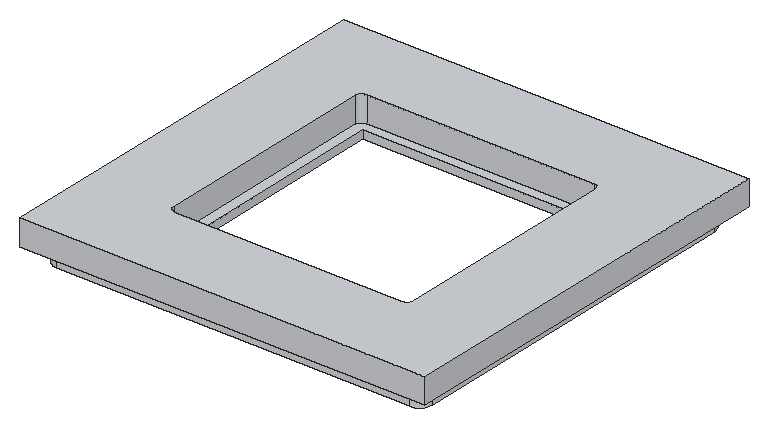
Revit family "Gira_0211112", category Electrical Fixtures, host Face, Revit 2017
Family settings
  Host = Face
  Maintain Annotation Orientation = No
  Round Connector Dimension = Use Diameter
  Part Type = Normal
  Cut with Voids When Loaded = No
  Shared = No
  Room Calculation Point = No
Parameters
  Werkstoffgüte = "Thermoplast"
  Werkstoff = "Kunststoff"
  URL = "https://www.gira.de/"
  Typname = "Abdeckrahmen 1f Flächenschalter Reinweiß"
  Transparent = no
  Textfeld/Beschriftungsfläche = no
  Schutzart (IP) = "IP20"
  RAL-Nummer (ähnlich) = 9010
  Produktseite = "http://katalog.gira.de/de_DE/datenblatt.html?artikelnr=0211112"
  Oberfläche = "sonstige"
  Montagerichtung = "horizontal und vertikal"
  Mit Montagerahmen = no
  Mit Klappdeckel = no
  Manufacturer = "Gira"
  Halogenfrei = yes
  HAN = "0211112"
  Geeignet für Unterputz-Installation = yes
  Geeignet für Unterflurkanaldose = no
  Geeignet für Geräteeinbaukanal = no
  Geeignet für Einbauinstallation = no
  GTIN = "4010337043973"
  Farbe = "weiß"
  Datenblatt = "https://katalog.gira.de/de_DE/download.html?artikelnr=0211112"
  Description = "Abdeckrahmen Gira Flächenschalter Reinweiß glänzend 1fach Merkmale: - Bruchsicher.  Hinweise : - In Verbindung mit Dichtungsflansch auch für die Montage wassergeschützt Unterputz IP44 geeignet."
  Befestigungsart = "Klemmbefestigung"
  Keynote = "Espr._Rahmen_1fach"
  Default Elevation = 1219.2 mm
  BIM = "https://media.stage.bim.site/public/gira/876eb45/Espr._Rahmen_1fach.rfa"
  Ausführung der Oberfläche = "glänzend"
  Anzahl der Einheiten vertikal = 1
  Anzahl der Einheiten horizontal = 1
  Anzahl der Einheiten = 1
Reference planes
  plane 1 "Center (Front/Back)": y = 0
  plane 2: z = 0
  plane 3 "Center (Left/Right)": x = 0
Forms (mm)
  Extrusion 1, solid, detail levels fine
    sketch origin (0, 0, 0) x (1, 0, 0) y (0, 1, 0)
      loop
        line (-47.5, 47.5) -> (-47.5, -47.5) -> (47.5, -47.5) -> (47.5, 47.5) -> (-47.5, 47.5)
      loop
        arc (-28.2, -26.7) -> (-27.761, -27.761) -> (-26.7, -28.2) r 1.5
        line (-26.7, -28.2) -> (26.7, -28.2)
        arc (26.7, -28.2) -> (27.761, -27.761) -> (28.2, -26.7) r 1.5
        line (28.2, -26.7) -> (28.2, 26.7)
        arc (28.2, 26.7) -> (27.761, 27.761) -> (26.7, 28.2) r 1.5
        line (26.7, 28.2) -> (-26.7, 28.2)
        arc (-26.7, 28.2) -> (-27.761, 27.761) -> (-28.2, 26.7) r 1.5
        line (-28.2, 26.7) -> (-28.2, -26.7)
    from 0 to 6
  Extrusion 2, solid, detail levels fine
    sketch origin (0, 0, 0) x (1, 0, 0) y (0, 1, 0)
      loop
        line (-25.7, -25.7) -> (25.7, -25.7) -> (25.7, 25.7) -> (-25.7, 25.7) -> (-25.7, -25.7)
      loop
        arc (-43.1, -41.3) -> (-42.573, -42.573) -> (-41.3, -43.1) r 1.8
        line (-41.3, -43.1) -> (41.3, -43.1)
        arc (41.3, -43.1) -> (42.573, -42.573) -> (43.1, -41.3) r 1.8
        line (43.1, -41.3) -> (43.1, 41.3)
        arc (43.1, 41.3) -> (42.573, 42.573) -> (41.3, 43.1) r 1.8
        line (41.3, 43.1) -> (-41.3, 43.1)
        arc (-41.3, 43.1) -> (-42.573, 42.573) -> (-43.1, 41.3) r 1.8
        line (-43.1, 41.3) -> (-43.1, -41.3)
    from -1.9 to 0
  Extrusion 3, solid, detail levels fine
    sketch origin (0, 0, 0) x (1, 0, 0) y (0, 1, 0)
      loop
        arc (-41.4, 44.4) -> (-43.521, 43.521) -> (-44.4, 41.4) r 3
        line (-44.4, 41.4) -> (-44.4, -41.4)
        arc (-44.4, -41.4) -> (-43.521, -43.521) -> (-41.4, -44.4) r 3
        line (-41.4, -44.4) -> (41.4, -44.4)
        arc (41.4, -44.4) -> (43.521, -43.521) -> (44.4, -41.4) r 3
        line (44.4, -41.4) -> (44.4, 41.4)
        arc (44.4, 41.4) -> (43.521, 43.521) -> (41.4, 44.4) r 3
        line (41.4, 44.4) -> (-41.4, 44.4)
      loop
        line (-43.1, 41.3) -> (-43.1, -41.3)
        arc (-43.1, -41.3) -> (-42.573, -42.573) -> (-41.3, -43.1) r 1.8
        line (-41.3, -43.1) -> (41.3, -43.1)
        arc (41.3, -43.1) -> (42.573, -42.573) -> (43.1, -41.3) r 1.8
        line (43.1, -41.3) -> (43.1, 41.3)
        arc (43.1, 41.3) -> (42.573, 42.573) -> (41.3, 43.1) r 1.8
        line (41.3, 43.1) -> (-41.3, 43.1)
        arc (-41.3, 43.1) -> (-42.573, 42.573) -> (-43.1, 41.3) r 1.8
    from -3.7 to 0
  Extrusion 4, solid, detail levels medium
    sketch origin (0, 0, 0) x (1, 0, 0) y (0, 1, 0)
      loop
        line (-47.5, 47.5) -> (-47.5, -47.5) -> (47.5, -47.5) -> (47.5, 47.5) -> (-47.5, 47.5)
    from 0 to 6
  Extrusion 5, solid, detail levels medium
    sketch origin (0, 0, 0) x (1, 0, 0) y (0, 1, 0)
      loop
        line (-44.4, 44.4) -> (-44.4, -44.4) -> (44.4, -44.4) -> (44.4, 44.4) -> (-44.4, 44.4)
    from -3.7 to 0
  Extrusion 6, solid, detail levels coarse
    sketch origin (0, 0, 0) x (1, 0, 0) y (0, 1, 0)
      loop
        line (-47.5, 47.5) -> (-47.5, -47.5) -> (47.5, -47.5) -> (47.5, 47.5) -> (-47.5, 47.5)
    from -3.7 to 6
Lines and regions (mm)
  reference lines
    curve 1: line (0, 47.5, 0) -> (0, -47.5, 0)
Dimensions and locks
  aligned and locked: plane 2 to host face
  aligned and locked: level to host face
